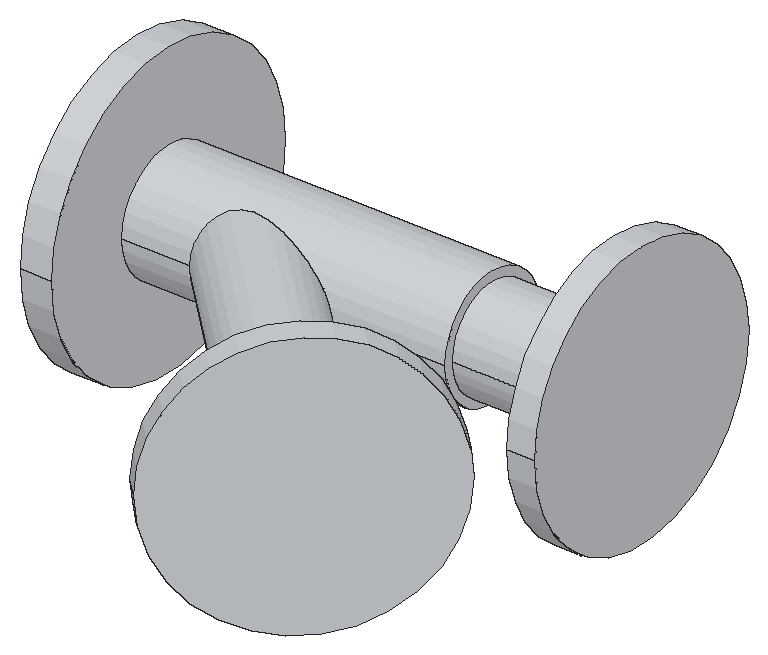
Revit family "f74aa18a1bf742b2985cb2dabe0743cf", category Pipe Fittings, Revit 2021
Family settings
  Round Connector Dimension = Use Radius
  Part Type = Lateral Tee
  OmniClass Number = 23.60.30.11.14
  OmniClass Title = Pipework Fittings
  Seek Item ID = Lateral 45 Deg Reducing - Flanged - GI - Class 125-0000-USA-ENU
  Work Plane-Based = No
  Always vertical = Yes
  Cut with Voids When Loaded = No
  Shared = No
Parameters (values of type "Standard")
  Tick Size 3 [instance] = Flange Diameter 3 * 0.4  # 1.70079"
  Tick Size 2 [instance] = Flange Diameter 2 * 0.4  # 1.70079"
  Tick Size 1 [instance] = Flange Diameter 1 * 0.4  # 1.85827"
  Short Center to Face [instance] = size_lookup(Lookup Table Name, "SCtF", 0.3 * Max Nominal Diameter 123 + 1 215/256", Max Nominal Diameter 123)  # 1.77165"
  Nominal Radius 3 [instance] = 1/2"
  Nominal Radius 2 [instance] = 1/2"
  Nominal Radius 1 [instance] = 5/8"
  Min Nominal Diameter 12 [instance] = if(Nominal Diameter 1 > Nominal Diameter 2, Nominal Diameter 2, Nominal Diameter 1)  # 1"
  Max Nominal Diameter 12 [instance] = if(Nominal Diameter 1 > Nominal Diameter 2, Nominal Diameter 1, Nominal Diameter 2)  # 1 1/4"
  Max Nominal Diameter 123 [instance] = if(and(not(Nominal Diameter 1 < Nominal Diameter 2), not(Nominal Diameter 1 < Nominal Diameter 3)), Nominal Diameter 1, if(and(not(Nominal Diameter 2 < Nominal Diameter 1), not(Nominal Diameter 2 < Nominal Diameter 3)), Nominal Diameter 2, Nominal Diameter 3))  # 1 1/4"
  Nominal Diameter 3 [instance] = Nominal Radius 3 * 2  # 1"
  Nominal Diameter 2 [instance] = Nominal Radius 2 * 2  # 1"
  Nominal Diameter 1 [instance] = Nominal Radius 1 * 2  # 1 1/4"
  Wall Thickness 3 [instance] = size_lookup(Lookup Table Name, "WThk", 0.04 * Nominal Diameter 3 + 71/256", Nominal Diameter 3)  # 0.31102"
  Wall Thickness 2 [instance] = size_lookup(Lookup Table Name, "WThk", 0.04 * Min Nominal Diameter 12 + 71/256", Min Nominal Diameter 12)  # 0.31102"
  Wall Thickness 1 [instance] = size_lookup(Lookup Table Name, "WThk", 0.04 * Max Nominal Diameter 12 + 71/256", Max Nominal Diameter 12)  # 0.31102"
  Loss Method = Not Defined
  Lookup Table Name = "Lateral 45 Deg Reducing - Flanged - GI - Class 125"
  Length 6 [instance] = if(Length 2 > 0", Run Length 5, Run Length)  # 5.15354"
  Default Elevation = 0' - 0"
  Branch Length 2 [instance] = Branch Length 1 + Flange Thickness 3  # 6.25984"
  Length 5 [instance] = if(Length 2 < 0", Run Length 2 + Run Length, if(not(Nominal Diameter 1 < Nominal Diameter 2), Run Length 6, Run Length 6))  # 243.88189"
  Branch Length 1 [instance] = if(and(not(Angle > 90.00°), Length 1 < 0"), (Max Flange Radius 12 + Flange Radius 3 * cos(Angle)) / sin(Angle), if(and(Angle > 90.00°, Length 1 < 0"), (Max Flange Radius 12 + Flange Radius 3 * cos(180.00° - Angle)) / sin(180.00° - Angle), C3 Center to Face - Flange Thickness 3))  # 5.82283"
  Run Length 6 [instance] = Fix Length + Run Length 4  # 243.88189"
  C3 Center to Face [instance] = if(not(Max Nominal Diameter 123 > 16"), Center to Face, if(not(Nominal Diameter 3 > Branch Size and Smaller), Center to Face Branch, Center to Face))  # 6.25984"
  Run Length 5 [instance] = if(or(and(Angle > 90.00°, Nominal Diameter 1 > Nominal Diameter 2), and(Angle < 90.00°, Nominal Diameter 1 < Nominal Diameter 2, not(Length 3 < 0"))), Run Length - Length 3 / 3, if(and(Angle < 90.00°, Nominal Diameter 1 < Nominal Diameter 2, Length 3 < 0"), Run Length, Run Length - Length 4 / 3))  # 5.15354"
  Run Length 4 [instance] = Run Length 5 - Run Length 1  # 3.88189"
  C2 Center to Face [instance] = if(not(Max Nominal Diameter 123 > 16"), Center to Face, if(not(Nominal Diameter 3 > Branch Size and Smaller), Center to Face Run 2, Center to Face))  # 6.25984"
  Run Length 3 [instance] = if(and(not(Angle > 90.00°), Length 1 < 0"), Max Flange Radius 12 / tan(Angle - atan(Flange Radius 3 / Branch Length 1)) + Flange Thickness 12, if(and(Angle > 90.00°, Length 1 < 0"), Max Flange Radius 12 / tan(180.00° - Angle - atan(Flange Radius 3 / Branch Length 1)) + Flange Thickness 12, C2 Center to Face))  # 6.25984"
  Run Length 2 [instance] = if(not(Nominal Diameter 1 < Nominal Diameter 2), Fix Length - Run Length 1, Fix Length + Run Length 4 - Run Length)  # 238.72835"
  Run Length 1 [instance] = if(and(Angle > 90.00°, Nominal Diameter 2 > Nominal Diameter 1), 2 * Length 4 / 3, if(and(Angle > 90.00°, not(Nominal Diameter 2 > Nominal Diameter 1)), Length 4, if(and(Angle < 90.00°, Nominal Diameter 2 > Nominal Diameter 1), 2 * Length 3 / 3, Length 3)))  # 1.27165"
  C1 Center to Face [instance] = if(not(Max Nominal Diameter 123 > 16"), Short Center to Face, if(not(Nominal Diameter 3 > Branch Size and Smaller), Center to Face Run 1, Short Center to Face))  # 1.77165"
  Length 1 [instance] = if(Angle < 90.00°, ((C3 Center to Face - Flange Thickness 3) / cos(Angle 3) * sin(Angle - Angle 3) - Max Flange Diameter 12 / 2), ((C3 Center to Face - Flange Thickness 3) / cos(Angle 3) * sin(180.00° - Angle - Angle 3) - Max Flange Diameter 12 / 2))  # 0.29123"
  Run Length [instance] = Length 3 + Length 4  # 7.09449"
  Length 4 [instance] = Run Length 3 - Flange Thickness 12  # 5.82283"
  Length 3 [instance] = if(not(Angle > 90.00°), C1 Center to Face - Flange Thickness 1, C1 Center to Face - Flange Thickness 2)  # 1.27165"
  Length 2 [instance] = Run Length - (Run Length 5)  # 1.94094"
  Fix Length [instance] = 240"  # constant formula
  Flange Thickness 12 [instance] = if(not(Angle > 90.00°), Flange Thickness 2, Flange Thickness 1)  # 0.43701"
  Max Flange Thickness 12 [instance] = size_lookup(Lookup Table Name, "FThk", 0.06 * Max Nominal Diameter 12 + 149/256", Max Nominal Diameter 12)  # 1/2"
  Max Flange Radius 12 [instance] = Max Flange Diameter 12 / 2  # 2.32283"
  Max Flange Diameter 12 [instance] = size_lookup(Lookup Table Name, "FDia", 1.21 * Max Nominal Diameter 12 + 3 105/128", Max Nominal Diameter 12)  # 4.64567"
  Fitting Outside Radius 3 [instance] = Fitting Outside Diameter 3 / 2  # 0.80315"
  Fitting Outside Radius 2 [instance] = Fitting Outside Diameter 2 / 2  # 0.80315"
  Fitting Outside Radius 1 [instance] = Fitting Outside Diameter 1 / 2  # 0.94094"
  Fitting Outside Diameter 3 [instance] = Fitting Inside Diameter 3 + Wall Thickness 3 * 2  # 1.6063"
  Fitting Outside Diameter 2 [instance] = Fitting Inside Diameter 2 + Wall Thickness 2 * 2  # 1.6063"
  Fitting Outside Diameter 1 [instance] = Fitting Inside Diameter 1 + Wall Thickness 1 * 2  # 1.88189"
  Fitting Inside Diameter 3 [instance] = size_lookup(Lookup Table Name, "FID", 1.02 * Nominal Diameter 3 - 7/128", Nominal Diameter 3)  # 0.98425"
  Fitting Inside Diameter 2 [instance] = size_lookup(Lookup Table Name, "FID", 1.02 * Min Nominal Diameter 12 - 7/128", Min Nominal Diameter 12)  # 0.98425"
  Fitting Inside Diameter 1 [instance] = size_lookup(Lookup Table Name, "FID", 1.02 * Max Nominal Diameter 12 - 7/128", Max Nominal Diameter 12)  # 1.25984"
  Center to Face Run 2 [instance] = size_lookup(Lookup Table Name, "CtFR2", 1.19 * Max Nominal Diameter 123 + 3 163/256", Max Nominal Diameter 123)  # 0.03937"
  Center to Face Run 1 [instance] = size_lookup(Lookup Table Name, "CtFR1", -0.09 * Max Nominal Diameter 123 + 2 163/256", Max Nominal Diameter 123)  # 0.03937"
  Flange Thickness 3 [instance] = size_lookup(Lookup Table Name, "FThk", 0.06 * Nominal Diameter 3 + 149/256", Nominal Diameter 3)  # 0.43701"
  Flange Thickness 2 [instance] = size_lookup(Lookup Table Name, "FThk", 0.06 * Nominal Diameter 2 + 149/256", Nominal Diameter 2)  # 0.43701"
  Flange Thickness 1 [instance] = size_lookup(Lookup Table Name, "FThk", 0.06 * Nominal Diameter 1 + 149/256", Nominal Diameter 1)  # 1/2"
  Flange Radius 3 [instance] = Flange Diameter 3 / 2  # 2.12598"
  Flange Radius 2 [instance] = Flange Diameter 2 / 2  # 2.12598"
  Flange Radius 1 [instance] = Flange Diameter 1 / 2  # 2.32283"
  Flange Diameter 3 [instance] = size_lookup(Lookup Table Name, "FDia", 1.21 * Nominal Diameter 3 + 3 105/128", Nominal Diameter 3)  # 4.25197"
  Flange Diameter 2 [instance] = size_lookup(Lookup Table Name, "FDia", 1.21 * Nominal Diameter 2 + 3 105/128", Nominal Diameter 2)  # 4.25197"
  Flange Diameter 1 [instance] = size_lookup(Lookup Table Name, "FDia", 1.21 * Nominal Diameter 1 + 3 105/128", Nominal Diameter 1)  # 4.64567"
  Center to Face Branch [instance] = size_lookup(Lookup Table Name, "CtFB", 1.24 * Max Nominal Diameter 123 + 5 81/256", Max Nominal Diameter 123)  # 0.03937"
  Center to Face [instance] = size_lookup(Lookup Table Name, "CtF", 1.51 * Max Nominal Diameter 123 + 5 117/256", Max Nominal Diameter 123)  # 6.25984"
  Branch Size and Smaller [instance] = size_lookup(Lookup Table Name, "BSaS", 0.48 * Max Nominal Diameter 12 + 3/64", Max Nominal Diameter 12)  # 1"
  Angle 3 [instance] = atan(Flange Radius 3 / (C3 Center to Face - Flange Thickness 3))  # 20.0577°
  Angle [instance] = 45.00°
Reference planes (in)
  plane 1 "Center (Front/Back)": y = 0
  plane 2: z = 0
  plane 3 "Center (Left/Right)": x = 0
  plane 4: x = -1.27165
  plane 5: x = 3.88189
  plane 6 "1": x = 5.82283
  plane 7: x = -1.27165
  plane 8: x = -1.77165
  plane 9: x = 6.25984
  plane 10: x = -240
  plane 11: x = 13.35433
  plane 12: x = -1.27165
  plane 13: x = 3.88189
  plane 14: x = -1.27165
  plane 15: x = 5.82283
  plane 16: y = 1.85827
  plane 17: y = -1.85827
  plane 18: y = 1.70079
  plane 19: y = -1.70079
  plane 20: x = -8.86614
Forms (in)
  Sweep 1, solid, detail levels fine
    path in 3D
      loop
        line (-1.27165, 0, 0) -> (5.82283, 0, 0)
    profile origin (2.27559, 0, 0) x (0, 1, 0) y (0, 0, 1)
      loop
        circle (0, 0) r 0.80315
  Sweep 2, solid, detail levels fine
    path in 3D
      loop
        line (-1.77165, 0, 0) -> (-1.27165, 0, 0)
    profile origin (-1.52165, 0, 0) x (0, 1, 0) y (0, 0, 1)
      loop
        circle (0, 0) r 2.32283
  Sweep 3, solid, detail levels fine
    path in 3D
      loop
        line (-1.27165, 0, 0) -> (3.88189, 0, 0)
    profile origin (1.30512, 0, 0) x (0, 1, 0) y (0, 0, 1)
      loop
        circle (0, 0) r 0.94094
  Sweep 4, solid, detail levels fine
    path in 3D
      loop
        line (5.82283, 0, 0) -> (6.25984, 0, 0)
    profile origin (6.04134, 0, 0) x (0, 1, 0) y (0, 0, 1)
      loop
        circle (0, 0) r 2.12598
  Sweep 5, solid, detail levels fine
    path in 3D
      loop
        line (0, 0, 0) -> (4.11737, -4.11737, 0)
    profile origin (2.05868, -2.05868, 0) x (0.707107, 0.707107, 0) y (0, 0, 1)
      loop
        circle (0, 0) r 0.80315
  Sweep 6, solid, detail levels fine
    path in 3D
      loop
        line (4.11737, -4.11737, 0) -> (4.42638, -4.42638, 0)
    profile origin (4.27187, -4.27187, 0) x (0.707107, 0.707107, 0) y (0, 0, 1)
      loop
        circle (0, 0) r 2.12598
  Extrusion 7, void
    sketch origin (0, 0, 0) x (0, 1, 0) y (0, 0, 1)
      loop
        circle (0, 0) r 2.32283
    from -8.86614 to -1.77165
  Extrusion 8, void
    sketch origin (0, 0, 0) x (0, 1, 0) y (0, 0, 1)
      loop
        circle (0, 0) r 2.32283
    from 6.25984 to 13.35433
  Extrusion 9, void
    sketch origin (0, 0, 0) x (0, 1, 0) y (0, 0, 1)
      loop
        circle (0, 0) r 2.32283
    from -8.86614 to -1.77165
  Extrusion 10, void
    sketch origin (0, 0, 0) x (0, 1, 0) y (0, 0, 1)
      loop
        circle (0, 0) r 2.32283
    from 6.25984 to 13.35433
Cuts and joins
  joined: Sweep 1, Sweep 2, Sweep 3, Sweep 4, Sweep 6
  Extrusion 7, Extrusion 8 cuts Sweep 5
Lines and regions (in)
  reference lines
    curve 1: line (0, 0, 0) -> (4.11737, -4.11737, 0)
    curve 2: line (-1.27165, 0, 0) -> (5.82283, 0, 0)
    curve 4: line (-1.27165, 0, 0) -> (3.88189, 0, 0)
    curve 5: line (-1.77165, 0, 0) -> (-1.27165, 0, 0)
    curve 8: line (5.82283, 0, 0) -> (6.25984, 0, 0)
    curve 10: line (4.11737, -4.11737, 0) -> (4.42638, -4.42638, 0)
    curve 13: line (-1.27165, 0, 0) -> (3.88189, 0, 0)
    curve 14: line (-1.27165, 0, 0) -> (-1.77165, 0, 0)
    curve 15: line (5.82283, 0, 0) -> (6.25984, 0, 0)
    curve 16: line (4.42638, -4.42638, 0) -> (4.11737, -4.11737, 0)
  sketch lines
    curve 3: line (-1.27165, 0, 0) -> (5.82283, 0, 0)
    curve 6: line (-1.77165, 0, 0) -> (-1.27165, 0, 0)
    curve 7: line (-1.27165, 0, 0) -> (3.88189, 0, 0)
    curve 9: line (5.82283, 0, 0) -> (6.25984, 0, 0)
    curve 11: line (0, 0, 0) -> (4.11737, -4.11737, 0)
    curve 12: line (4.11737, -4.11737, 0) -> (4.42638, -4.42638, 0)
  model lines, detail levels coarse+medium
    curve 17: line (-1.77165, 0, 0) -> (6.25984, 0, 0)
    curve 18: line (-1.77165, 1.85827, 0) -> (-1.77165, -1.85827, 0)
    curve 19: line (6.25984, 1.70079, 0) -> (6.25984, -1.70079, 0)
    curve 20: line (0, 0, 0) -> (4.42638, -4.42638, 0)
    curve 21: line (3.22374, -5.62902, 0) -> (5.62902, -3.22374, 0)
Dimensions and locks (in)
  "Branch Length 1": curve 1 to curve 1
  "Run Length": plane 7 to plane 6 "1"
  "Flange Thickness 1": plane 8 to plane 7
  "Flange Thickness 2": plane 6 "1" to plane 9
  "Flange Thickness 3": curve 10 to curve 10
  "Fix Length": plane 10 to plane 3 "Center (Left/Right)"
  "Run Length": plane 9 to plane 11
  "Run Length 5": plane 4 to plane 5
  "Run Length 6": plane 10 to plane 5
  "Run Length 2": plane 10 to plane 7
  "Length 6": plane 12 to plane 13
  "Length 5": plane 10 to plane 13
  equal spacing: plane 17, plane 1 "Center (Front/Back)", plane 16
  "Tick Size 1": plane 1 "Center (Front/Back)" to plane 16
  equal spacing: plane 18, plane 1 "Center (Front/Back)", plane 19
  "Tick Size 2": plane 18 to plane 1 "Center (Front/Back)"
  "Branch Length 2": curve 20 to curve 20
  equal spacing: curve 21, curve 20, curve 21
  "Tick Size 3": curve 20 to curve 21
  "Run Length": plane 20 to plane 8
  "Fitting Outside Radius 2": radius of Sweep 1 sketch curve
  "Flange Radius 1": radius of Sweep 2 sketch curve
  "Fitting Outside Radius 1": radius of Sweep 3 sketch curve
  "Flange Radius 2": radius of Sweep 4 sketch curve
  "Fitting Outside Radius 3": radius of Sweep 5 sketch curve
  "Flange Radius 3": radius of Sweep 6 sketch curve
  "Max Flange Radius 12": radius of Extrusion 7 sketch curve
  "Max Flange Radius 12": radius of Extrusion 8 sketch curve
  "Angle": angle curve 1 to plane 1 "Center (Front/Back)"
  "Angle": angle curve 10 to plane 1 "Center (Front/Back)"
  "Angle": angle curve 16 to plane 1 "Center (Front/Back)"
  "Angle": angle curve 20 to plane 1 "Center (Front/Back)"
  "Angle": angle curve 21 to plane 3 "Center (Left/Right)"
  aligned and locked: plane 1 "Center (Front/Back)" to curve 1
  aligned and locked: plane 3 "Center (Left/Right)" to curve 1
  aligned and locked: profile plane to Sweep 1 sketch curve  (x2)
  aligned and locked: plane 5 to curve 4
  aligned and locked: plane 1 "Center (Front/Back)" to curve 4
  aligned and locked: plane 8 to curve 5
  aligned and locked: plane 7 to curve 5
  aligned and locked: plane 1 "Center (Front/Back)" to curve 5
  aligned and locked: profile plane to Sweep 2 sketch curve  (x2)
  aligned and locked: plane 4 to curve 4
  aligned and locked: profile plane to Sweep 3 sketch curve  (x2)
  aligned and locked: plane 9 to curve 8
  aligned and locked: profile plane to Sweep 4 sketch curve  (x2)
  aligned and locked: plane 1 "Center (Front/Back)" to curve 8
  aligned and locked: profile plane to Sweep 5 sketch curve  (x2)
  aligned and locked: profile plane to Sweep 6 sketch curve  (x2)
  aligned and locked: plane 1 "Center (Front/Back)" to Extrusion 7 sketch curve
  aligned and locked: plane 2 to Extrusion 7 sketch curve
  aligned and locked: plane 8 to Extrusion 7
  aligned and locked: plane 1 "Center (Front/Back)" to Extrusion 8 sketch curve
  aligned and locked: plane 2 to Extrusion 8 sketch curve
  aligned and locked: plane 11 to Extrusion 8
  aligned and locked: Extrusion 8 to plane 9
  aligned and locked: plane 1 "Center (Front/Back)" to curve 13
  aligned and locked: plane 12 to curve 13
  aligned and locked: plane 13 to curve 13
  aligned and locked: plane 6 "1" to curve 8
  aligned and locked: plane 14 to curve 14
  aligned and locked: plane 8 to curve 14
  aligned and locked: plane 15 to curve 15
  aligned and locked: plane 9 to curve 15
  aligned and locked: curve 14 to plane 1 "Center (Front/Back)"
  aligned and locked: plane 1 "Center (Front/Back)" to curve 15
  aligned and locked: plane 8 to curve 17
  aligned and locked: plane 9 to curve 17
  aligned and locked: plane 16 to curve 18
  aligned and locked: plane 17 to curve 18
  aligned and locked: curve 19 to plane 18
  aligned and locked: curve 19 to plane 19
  aligned and locked: curve 19 to plane 9
  aligned and locked: plane 1 "Center (Front/Back)" to curve 17
  aligned and locked: plane 1 "Center (Front/Back)" to curve 20
  aligned and locked: plane 3 "Center (Left/Right)" to curve 20
  aligned and locked: plane 2 to Extrusion 9 sketch curve
  aligned and locked: plane 1 "Center (Front/Back)" to Extrusion 9 sketch curve
  aligned and locked: plane 8 to Extrusion 9
  aligned and locked: plane 1 "Center (Front/Back)" to Extrusion 10 sketch curve
  aligned and locked: plane 2 to Extrusion 10 sketch curve
  aligned and locked: Extrusion 10 to plane 9
  aligned and locked: plane 11 to Extrusion 10
  aligned and locked: Extrusion 9 to plane 20
  aligned and locked: Extrusion 7 to plane 20
Automatic sketch dimensions
  radius of Extrusion 9 sketch curve = 0' - 2.32283"
  radius of Extrusion 10 sketch curve = 0' - 2.32283"
Connectors (in)
  piping at (-1.77165, 0, 0), diameter 1.25, driven by "Nominal Radius 1"
    settings: on Sweep 2, index 1, connector inside diameter 1 1/4", connector length 0' - 0", flow factor 0, pipe flow 0 GPM, pressure drop 0.00 psi, fitting loss kfactor 0, connector angle 0.00°, fixture units 0, engagement length 0' - 0", angle of deflection 0.00°, flow configuration 0, flow direction 0, fitting loss method 0, system type 28, joint type 0, gender type 0, connector reference index 2, connector utility 0, adjustable connector no, is connector primary yes, connector description ""
  piping at (6.25984, 0, 0), diameter 1, driven by "Nominal Radius 2"
    settings: on Sweep 4, index 2, connector inside diameter 1", connector length 0' - 0", flow factor 0, pipe flow 0 GPM, pressure drop 0.00 psi, fitting loss kfactor 0, connector angle 0.00°, fixture units 0, engagement length 0' - 0", angle of deflection 0.00°, flow configuration 0, flow direction 0, fitting loss method 0, system type 28, joint type 0, gender type 0, connector reference index 1, connector utility 0, adjustable connector no, is connector primary no, connector description ""
  piping at (4.42638, -4.42638, 0), diameter 1, driven by "Nominal Radius 3", driven by "Angle"
    settings: on Sweep 6, index 3, connector inside diameter 1", connector length 0' - 0", flow factor 0, pipe flow 0 GPM, pressure drop 0.00 psi, fitting loss kfactor 0, connector angle 45.00°, fixture units 0, engagement length 0' - 0", angle of deflection 0.00°, flow configuration 0, flow direction 0, fitting loss method 0, system type 28, joint type 0, gender type 0, connector reference index -1, connector utility 0, adjustable connector no, is connector primary no, connector description ""
